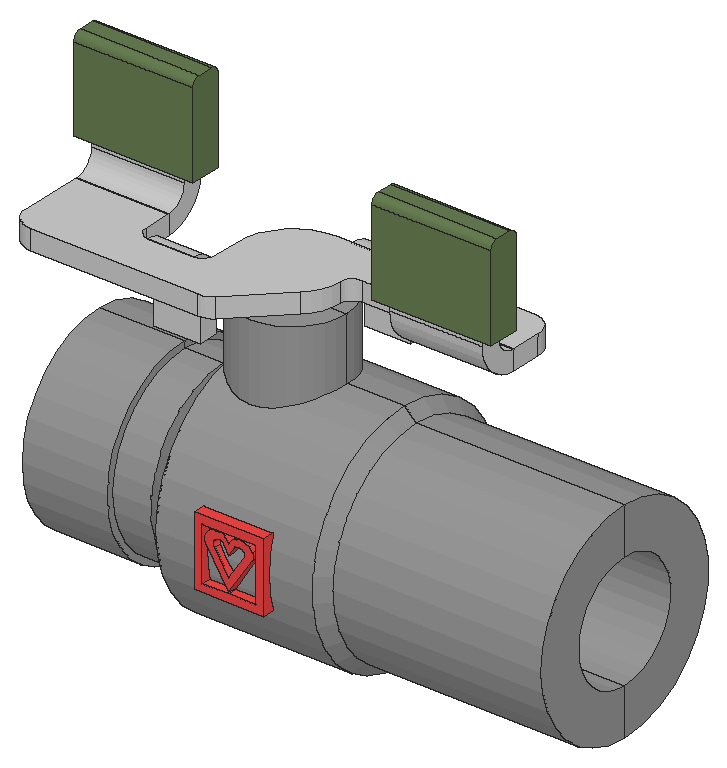
Revit family "HERZ Ball Valve With Butterfly Handle And Check Valve 2110", category Rohrzubehör, Revit 2019
Family settings
  Bemaßung runder Anschluss = Durchmesser verwenden
  Teiletyp = Unterbricht
  OmniClass-Nummer = 23.65.55.14
  OmniClass-Titel = Valves for Liquid Services
  Arbeitsebenenbasiert = Nein
  Immer vertikal = Ja
  Beim Laden mit Abzugskörper schneiden = Nein
  Gemeinsam genutzt = Nein
Parameters
  W01 = 45.00°  # constant formula
  URL = "www.herzvalves.com"
  Spindle seals = "EPDM"  # constant formula
  Spindle = "machined brass acc. to EB 12164, CW614N"  # constant formula
  SC_NennweiteBerechnet = 0
  SC_Dimension = ""
  SCTWSEQ = "FW;SBT_TYP_FW=\"102\";2"
  SCTWCODE = "04;04;02"  # constant formula
  S04 = 5.000 mm  # constant formula
  S03 [instance] = D04 - 2.000 mm  # 11.500 mm
  S02 [instance] = L01 + 4.500 mm  # 38.500 mm
  S01 [instance] = D04 * 2  # 27.000 mm
  R01 = 7.000 mm  # constant formula
  Part number [instance] = size_lookup("2110_0X_", "Artnr", 0, Nennweite)  # 2211001
  Note = "Pursuant to Article 33 of the REACH Regulation (EC No. 1907/2006), we are obliged to point out that the material lead is listed on the SVHC list and that all brass components manufactured in our products exceed 0.1% (w / w) lead (CAS: 7439-92-1 / EINECS: 231-100-4).\r\nSince lead is a component part of an alloy, actual exposure is not possible and therefore no additional information on safe use is necessary."
  Min. operating temperature (water) = 0.5 °C  # constant formula
  Min. operating temperature = -10 °C  # constant formula
  Medium = "potable water"  # constant formula
  Max. operating temperature = 85 °C  # constant formula
  Max. operating pressure = 2500000.0 Pa  # constant formula
  Check valve O-Ring = "silicon"  # constant formula
  Nennweite [instance] = 15.000 mm
  L05 [instance] = size_lookup("2110_0X_", "L5", 1.000 mm, Nennweite)  # 25.000 mm
  L04 [instance] = size_lookup("2110_0X_", "L4", 1.000 mm, Nennweite)  # 27.000 mm
  L03 = 5.000 mm  # constant formula
  L02 [instance] = size_lookup("2110_0X_", "L2", 1.000 mm, Nennweite)  # 11.000 mm
  L01 [instance] = size_lookup("2110_0X_", "L1", 1.000 mm, Nennweite)  # 34.000 mm
  IG [instance] = Nennweite / 2  # 7.500 mm
  Hersteller = "HERZ Armaturen Ges.m.b.H."  # constant formula
  Handle = "butterfly handle, green, steel sheet - Zn. plated"  # constant formula
  H01 [instance] = size_lookup("2110_0X_", "H1", 1.000 mm, Nennweite)  # 23.000 mm
  Thread = "acc. to ISO 228"  # constant formula
  Check valve body = "POM"  # constant formula
  GT [instance] = size_lookup("2110_0X_", "GT", 1.000 mm, Nennweite)  # 10.000 mm
  DN15-DN20 [instance] = if(Nennweite = 15.000 mm, 42.000 mm, 46.000 mm)  # 42.000 mm
  D04 [instance] = size_lookup("2110_0X_", "D4", 1.000 mm, Nennweite)  # 13.500 mm
  D03 [instance] = size_lookup("2110_0X_", "D3", 1.000 mm, Nennweite)  # 15.000 mm
  D02 [instance] = size_lookup("2110_0X_", "D2", 1.000 mm, Nennweite)  # 11.700 mm
  D01 [instance] = size_lookup("2110_0X_", "D1", 1.000 mm, Nennweite)  # 12.500 mm
  Body = "forged brass acc. to EN 12165, nickel plated, CW626N DZR"  # constant formula
  Ball seals = "PTFE"  # constant formula
  Ball = "forged brass acc. to EN 12165, full bore, hollow, hard chrome plated, CW626N DZR"  # constant formula
  Application = "HERZ ball valve with check valve is used as a shut-off valve.\r\nThe valve is used in system with potable water.\r\nBall valves are used when the flow of the medium has to be reilably closed.\r\nCheck valve has a function of a back-flow preventer."
Reference planes
  plane 1 "Mitte (Vorne/hinten)": y = 0
  plane 2: z = 0
  plane 3 "Mitte (Links/rechts)": x = 0
Forms (mm)
  Revolve 1, solid, material "Messing, weicher Gelbton, geschweißt", detail levels fine
    sketch origin (0, 0, 0) x (1, 0, 0) y (0, 0, 1)
      loop
        line (-24, 0) -> (24, 0) -> (24, 7.5) -> (34, 7.5) -> (34, 13.5) -> (7, 13.5) -> (5.5, 15) -> (-14.7, 15) -> (-18, 11.7) -> (-23, 11.7) -> (-23, 12.5) -> (-34, 12.5) -> (-34, 7.5) -> (-24, 7.5) -> (-24, 0)
      axis (-34, 0) -> (34, 0)
    angle from 0 to 360
  Revolve 2, solid, material "Messing, weicher Gelbton, geschweißt", detail levels fine
    sketch origin (0, 0, 0) x (1, 0, 0) y (0, 0, 1)
      loop
        line (-5.588, 0) -> (-5.588, 8) -> (-2, 8) -> (-2, 23) -> (-9, 23) -> (-9, 0) -> (-5.588, 0)
      axis (-9, 0) -> (-9, 23)
    angle from 0 to 360
Lines and regions (mm)
  model lines, detail levels coarse+medium
    curve 1: line (-34, 0, 13.5) -> (-34, 0, -13.5)
    curve 2: line (-34, 0, -13.5) -> (4.5, 0, 13.5)
    curve 3: line (4.5, 0, 13.5) -> (4.5, 0, -13.5)
    curve 4: line (4.5, 0, -13.5) -> (-34, 0, 13.5)
    curve 5: circle (-14.75, 0, 0) r 11.5 normal (0, -1, 0)
    curve 6: line (4.5, 0, 13.5) -> (34, 0, -13.5)
    curve 7: line (34, 0, -13.5) -> (34, 0, 13.5)
    curve 8: circle (4.5, 0, 13.5) r 5 normal (0, -1, 0)
    curve 9: line (-34, 13.5, 0) -> (-34, -13.5, 0)
    curve 10: line (-34, -13.5, 0) -> (4.5, 13.5, 0)
    curve 11: line (4.5, 13.5, 0) -> (4.5, -13.5, 0)
    curve 12: line (4.5, -13.5, 0) -> (-34, 13.5, 0)
    curve 13: line (4.5, 13.5, 0) -> (34, -13.5, 0)
    curve 14: line (34, -13.5, 0) -> (34, 13.5, 0)
    curve 15: circle (4.5, 13.5, 0) r 5 normal (0, 0, 1)
    curve 16: circle (-14.75, 0, 0) r 11.5 normal (0, 0, 1)
Dimensions and locks
  "L01": plane 3 "Mitte (Links/rechts)" to Revolve 1 sketch curve
  "L01": Revolve 1 sketch curve to plane 3 "Mitte (Links/rechts)"
  "L02": Revolve 1 sketch curve to Revolve 1 sketch curve
  "L03": Revolve 1 sketch curve to Revolve 1 sketch curve
  "D01": Revolve 1 sketch curve to plane 2
  "D02": Revolve 1 sketch curve to plane 2
  "D03": Revolve 1 sketch curve to plane 2
  "L04": Revolve 1 sketch curve to Revolve 1 sketch curve
  "D04": Revolve 1 sketch curve to plane 2
  "GT": Revolve 1 sketch curve to Revolve 1 sketch curve  (x2)
  "IG": Revolve 1 sketch curve to plane 2  (x2)
  "L05": Revolve 1 to Revolve 2 sketch curve  (x2)
  "H01": Revolve 2 sketch curve to plane 2
  "R01": Revolve 2 sketch curve to Revolve 2 sketch curve
  Revolve 2 sketch curve to plane 2 = 8.000 mm
  equal spacing: Revolve 1, nested 1, Revolve 1
  "D03": nested 1 to plane 1 "Mitte (Vorne/hinten)"
  equal spacing: curve 4, plane 2, curve 2
  "S01": curve 4 to curve 2
  "L01": plane 3 "Mitte (Links/rechts)" to curve 1
  equal spacing: curve 3, plane 2, curve 4
  "S01": curve 4 to curve 3
  "S02": curve 1 to curve 3
  equal spacing: curve 1, curve 5, curve 3
  "S02": curve 1 to curve 8
  "L01": curve 7 to plane 3 "Mitte (Links/rechts)"
  equal spacing: curve 7, plane 2, curve 7
  "S01": curve 7 to curve 7
  equal spacing: curve 10, plane 1 "Mitte (Vorne/hinten)", curve 12
  equal spacing: curve 12, plane 1 "Mitte (Vorne/hinten)", curve 13
  equal spacing: curve 14, plane 1 "Mitte (Vorne/hinten)", curve 14
  "L01": curve 9 to plane 3 "Mitte (Links/rechts)"
  "S02": curve 9 to curve 11
  "S02": curve 9 to curve 15
  "L01": plane 3 "Mitte (Links/rechts)" to curve 14
  "S01": curve 12 to curve 9
  "S01": curve 13 to curve 12
  "S01": curve 14 to curve 14
  equal spacing: curve 9, curve 16, curve 11
  "L05": Revolve 1 to nested 2
  "DN15-DN20": nested 2 to plane 2
  "S03": radius of curve 5
  "S04": radius of curve 8
  "S04": radius of curve 15
  "S03": radius of curve 16
  "W01": angle Revolve 1 sketch curve to Revolve 1 sketch curve  (x2)
  aligned and locked: level to plane 2
Automatic sketch dimensions
  curve 5 to level = 0.000 mm
  curve 8 to curve 2 = 0.000 mm
  plane 1 "Mitte (Vorne/hinten)" to curve 16 = 0.000 mm
  curve 15 to curve 10 = 0.000 mm
  Revolve 1 sketch curve to level = 0.000 mm  (x2)
  Revolve 1 sketch curve to Revolve 1 sketch curve = 1490.843 mm
  Revolve 1 sketch curve to Revolve 1 sketch curve = 1823.461 mm
  Revolve 2 sketch curve to level = 0.000 mm  (x2)
  Revolve 2 sketch curve to Revolve 2 sketch curve = 3.588 mm
  Revolve 2 sketch curve to Revolve 2 sketch curve = 0.000 mm
Nested families
  nested 1: "Herz-Logo-vorne" at (-4.6, -15, 0) x (0, 1, 0) z (0, 0, 1), type "Herz-Logo-vorne", detail levels fine
  nested 2: "Flügelgriff (Grün) DN15-DN20" at (-9, 0, 24), type "Flügelgriff (Grün) DN15-DN20"
Connectors
  piping at (-24, 0, 0), diameter 15, driven by "Nennweite"
    settings: on Revolve 1, index 1, connector inside diameter 609.6 mm, connector length 0.000 mm, flow factor 0, pipe flow 0.0 L/s, pressure drop 0.0 Pa, fitting loss kfactor 0, connector angle 0.00°, fixture units 0, engagement length 0.000 mm, angle of deflection 0.00°, flow configuration 0, flow direction 1, fitting loss method 0, system type 29, joint type 0, gender type 0, connector reference index -1, connector utility 0, adjustable connector no, is connector primary yes, connector description ""
  piping at (24, 0, 0), diameter 15, driven by "Nennweite"
    settings: on Revolve 1, index 2, connector inside diameter 609.6 mm, connector length 0.000 mm, flow factor 0, pipe flow 0.0 L/s, pressure drop 0.0 Pa, fitting loss kfactor 0, connector angle 0.00°, fixture units 0, engagement length 0.000 mm, angle of deflection 0.00°, flow configuration 0, flow direction 2, fitting loss method 0, system type 29, joint type 0, gender type 0, connector reference index -1, connector utility 0, adjustable connector no, is connector primary no, connector description ""
Definition of nested family "Herz-Logo-vorne"
  Reference planes
    plane 1 "Mitte (Vorne/hinten)": y = 0
    plane 2: z = 0
    plane 3 "Mitte (Links/rechts)": x = 0
  Forms (mm)
    Extrusion 1, solid
      sketch origin (0.732, -0.018, 0.017) x (0, -1, 0) y (0, 0, 1)
        loop
          line (-0.018, -4.517) -> (4.482, -4.517) -> (4.482, 4.483) -> (-4.518, 4.483) -> (-4.518, -4.517) -> (-0.018, -4.517)
        loop
          line (-0.05, -3.48) -> (3.482, -3.48) -> (3.482, 3.483) -> (-3.518, 3.483) -> (-3.518, -3.48) -> (-0.05, -3.48)
        loop
          arc (-0.018, 2.383) -> (-1.543, 3.287) -> (-3.067, 2.383) r 1.738
          arc (-3.067, 2.383) -> (-3.191, 1.899) -> (-3.067, 1.415) r 1.009
          line (-3.067, 1.415) -> (-0.018, -3.281) -> (3.032, 1.415)
          arc (3.032, 1.415) -> (3.156, 1.899) -> (3.032, 2.383) r 1.009
          arc (3.032, 2.383) -> (1.507, 3.287) -> (-0.018, 2.383) r 1.738
        loop
          arc (1.885, 1.272) -> (2.005, 1.675) -> (1.885, 2.079) r 0.74
          arc (1.885, 2.079) -> (1.265, 2.416) -> (0.644, 2.079) r 0.74
          line (0.644, 2.079) -> (-0.018, 0.97) -> (-0.679, 2.079)
          arc (-0.679, 2.079) -> (-1.3, 2.416) -> (-1.921, 2.079) r 0.74
          arc (-1.921, 2.079) -> (-2.04, 1.675) -> (-1.921, 1.272) r 0.74
          line (-1.921, 1.272) -> (-0.018, -1.658) -> (1.885, 1.272)
      from 0 to 1.5
  Dimensions and locks
    aligned and locked: level to plane 2
Definition of nested family "Flügelgriff (Grün) DN15-DN20"
  Reference planes
    plane 1 "Mitte (Vorne/hinten)": y = 0
    plane 2: z = 0
    plane 3 "Mitte (Links/rechts)": x = 0
  Forms (mm)
    Extrusion 1, solid, detail levels fine
      sketch origin (0, 0, 0) x (1, 0, 0) y (0, 1, 0)
        loop
          line (-7, 0) -> (-7, -3.8)
          arc (-7, -3.8) -> (-7.439, -4.861) -> (-8.5, -5.3) r 1.5
          line (-8.5, -5.3) -> (-14.5, -5.3)
          arc (-14.5, -5.3) -> (-15.561, -4.861) -> (-16, -3.8) r 1.5
          line (-16, -3.8) -> (-16, 0) -> (-28, 0) -> (-28, -8.1)
          arc (-28, -8.1) -> (-27.121, -10.221) -> (-25, -11.1) r 3
          line (-25, -11.1) -> (-3.453, -11.1)
          arc (-3.453, -11.1) -> (-2.496, -10.91) -> (-1.685, -10.368) r 2.5
          line (-1.685, -10.368) -> (4.443, -4.24)
          arc (4.443, -4.24) -> (5.743, -2.295) -> (6.2, 0) r 6
          arc (6.2, 0) -> (6.64, 1.06) -> (7.7, 1.499) r 1.5
          line (7.7, 1.499) -> (15.1, 1.499)
          arc (15.1, 1.499) -> (16.16, 1.06) -> (16.6, 0) r 1.5
          line (16.6, 0) -> (28.6, 0) -> (28.6, 4)
          arc (28.6, 4) -> (27.721, 6.121) -> (25.6, 7) r 3
          line (25.6, 7) -> (0, 7)
          arc (0, 7) -> (-4.95, 4.95) -> (-7, 0) r 7
      from 0 to 2.5
    Extrusion 2, solid, detail levels fine
      sketch origin (0, 0, 0) x (0, 1, 0) y (0, 0, 1)
        loop
          arc (2.5, 5) -> (1.768, 3.232) -> (0, 2.5) r 2.5
          line (0, 2.5) -> (0, 0)
          arc (0, 0) -> (3.536, 1.464) -> (5, 5) r 5
          line (5, 5) -> (5, 6) -> (2.5, 6) -> (2.5, 5)
      from -28 to -16
    Extrusion 3, solid, detail levels fine
      sketch origin (0, 5.3, 0) x (0, 1, 0) y (0, 0, 1)
        loop
          line (-7.8, 5) -> (-7.8, 6) -> (-10.3, 6) -> (-10.3, 5)
          arc (-10.3, 5) -> (-8.836, 1.464) -> (-5.3, 0) r 5
          line (-5.3, 0) -> (-5.3, 2.5)
          arc (-5.3, 2.5) -> (-7.068, 3.232) -> (-7.8, 5) r 2.5
      from 16.6 to 28.6
    Extrusion 4, solid, detail levels fine
      sketch origin (0, 0, 0) x (0, 1, 0) y (0, 0, 1)
        loop
          line (5.75, 6) -> (5.75, 17.041)
          arc (5.75, 17.041) -> (5.469, 17.719) -> (4.791, 18) r 0.959
          line (4.791, 18) -> (2.773, 18)
          arc (2.773, 18) -> (2.05, 17.7) -> (1.75, 16.977) r 1.023
          line (1.75, 16.977) -> (1.75, 6) -> (5.75, 6)
      from -29.7 to -14.3
    Extrusion 5, solid, detail levels fine
      sketch origin (0, 0, 0) x (0, 1, 0) y (0, 0, 1)
        loop
          line (-5.75, 6) -> (-1.75, 6) -> (-1.75, 17)
          arc (-1.75, 17) -> (-2.043, 17.707) -> (-2.75, 18) r 1
          line (-2.75, 18) -> (-4.75, 18)
          arc (-4.75, 18) -> (-5.457, 17.707) -> (-5.75, 17) r 1
          line (-5.75, 17) -> (-5.75, 6)
      from 30.3 to 14.9
    Extrusion 6, solid, detail levels fine
      sketch origin (0, 0, 0) x (0, 1, 0) y (0, 0, 1)
        loop
          line (9, -2) -> (9, -8) -> (11.5, -8) -> (11.5, -2)
          arc (11.5, -2) -> (10.182, 1.182) -> (7, 2.5) r 4.5
          line (7, 2.5) -> (7, 0)
          arc (7, 0) -> (8.414, -0.586) -> (9, -2) r 2
      from 8.1 to 2.1
    Extrusion 7, solid, detail levels fine
      sketch origin (0, 0, 0) x (0, 1, 0) y (0, 0, 1)
        loop
          line (-4.3, -1) -> (-4.3, -8) -> (-1.8, -8) -> (-1.8, -1)
          arc (-1.8, -1) -> (-2.825, 1.475) -> (-5.3, 2.5) r 3.5
          line (-5.3, 2.5) -> (-5.3, 0)
          arc (-5.3, 0) -> (-4.593, -0.293) -> (-4.3, -1) r 1
      from -14.5 to -8.5
  Dimensions and locks
    aligned and locked: level to plane 2
